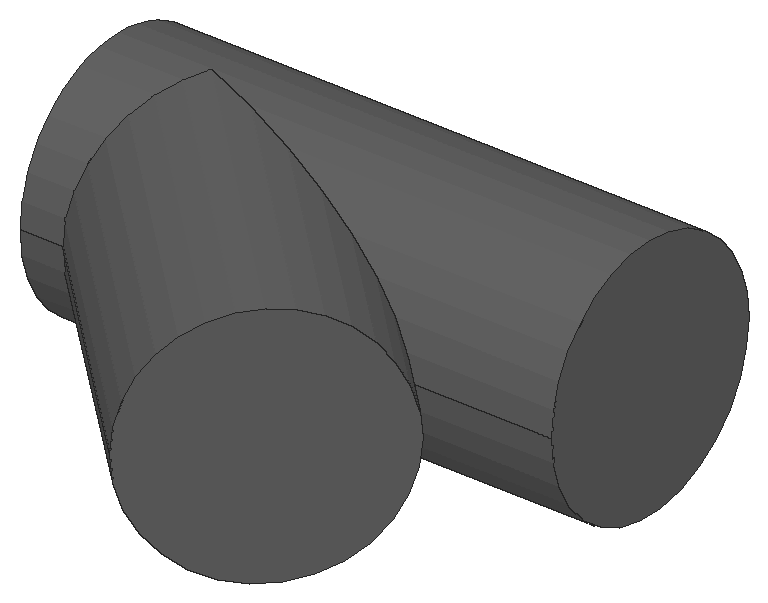
Revit family "QSS+_Тройник 45 и 87", category Соединительные детали трубопроводов, Revit 2019
Family settings
  Размер круглого соединителя = Использовать диаметр
  Тип детали = Тройник
  На основе рабочей плоскости = Нет
  Всегда вертикально = Да
  При загрузке вырезать с полостями = Нет
  Общий = Нет
Parameters (values of type "QQS+")
  Усиленный [instance] = no
  Угол [instance] = 45.00°
  Типовой = no
  Поиск в таблице имен 4 = "QSS+_Тройник 45 и 87"
  Поиск в таблице имен 3 = "QSS+_Тройник 45 и 87"
  Поиск в таблице имен 2 = "QSS+_Тройник 45 и 87"
  Поиск в таблице имен = "QSS+_Тройник 45 и 87"
  Размер засечки 2 [instance] = 50 mm  # constant formula
  Размер засечки 1 [instance] = 50 mm  # constant formula
  Description = ""
  Материал = Пластик
  Assembly Code = ""
  Manufacturer = ""
  m [instance] = if(Угол > 90.00°, K - Z1, Z1)  # 285 mm
  l [instance] = k4 + k3  # 335 mm
  K2 [instance] = size_lookup(Поиск в таблице имен, "K2", 300 mm, ADSK_Диаметр условный, Диаметр условный 1, ADSK_Угол)  # 85 mm
  k1 [instance] = size_lookup(Поиск в таблице имен, "k1", 300 mm, ADSK_Диаметр условный, Диаметр условный 1, ADSK_Угол)  # 65 mm
  Z3 [instance] = 120.064 mm
  k4 [instance] = size_lookup(Поиск в таблице имен, "k4", 300 mm, ADSK_Диаметр условный, Диаметр условный 1, ADSK_Угол)  # 250 mm
  Z1 [instance] = if(ADSK_Угол = 88.50°, Диаметр условный 1 / 2 + K2, if(Диаметр условный 1 > 110 mm, Диаметр условный 1 + 40 mm + K2, Диаметр условный 1 + 20 mm + K2))  # 285 mm
  URL = ""
  Диаметр условный 1 [instance] = 160 mm
  k3 [instance] = size_lookup(Поиск в таблице имен, "k3", 300 mm, ADSK_Диаметр условный, Диаметр условный 1, ADSK_Угол)  # 85 mm
  K [instance] = size_lookup(Поиск в таблице имен, "K", 300 mm, ADSK_Диаметр условный, Диаметр условный 1, ADSK_Угол)  # 345.5 mm
  ADSK_Угол [instance] = if(or(Угол < 57.50°, Угол > 122.50°), 45.00°, if(or(Угол < 79.00°, Угол > 101.00°), 67.30°, 88.50°))  # 45.00°
  ADSK_Наименование краткое = "Тр."
  ADSK_Наименование [instance] = size_lookup(Поиск в таблице имен, "ADSK_Наименование", "Решение не найдено", ADSK_Диаметр условный, Диаметр условный 1, ADSK_Угол)  # "Тройник 45° DN160x160x160"
  ADSK_Масса_Текст [instance] = ""
  ADSK_Масса [instance] = 0
  ADSK_Марка = ""
  ADSK_Код изделия [instance] = size_lookup(Поиск в таблице имен, "ADSK_Код изделия", "Решение не найдено", ADSK_Диаметр условный, Диаметр условный 1, ADSK_Угол)  # "QSS-Y-160160"
  ADSK_Завод-изготовитель = "Agpipe"  # constant formula
  ADSK_Единица измерения = "шт."  # constant formula
  ADSK_Диаметр условный [instance] = 160 mm
Reference planes
  plane 1 "По центру (Вперед/Назад)": y = 0
  plane 2: z = 0
  plane 3 "По центру (Влево/Вправо)": x = 0
  plane 4: x = 4.5
  plane 5: x = 200
  plane 6: x = -60.5
  plane 7: x = 285
  plane 8: z = 83
  plane 9: z = -83
Forms (mm)
  Sweep 1, solid, material "Пластик" <- "Материал", detail levels fine
    path in 3D
      loop
        line (-60.5, 0, 0) -> (285, 0, 0)
    profile origin (112.25, 0, 0) x (0, 1, 0) y (0, 0, 1)
      loop
        circle (0, 0) r 80
  Sweep 2, solid, material "Пластик" <- "Материал", detail levels fine
    path in 3D
      loop
        line (0, 0, 0) -> (176.777, -176.777, 0)
    profile origin (88.388, -88.388, 0) x (0.707107, 0.707107, 0) y (0, 0, 1)
      loop
        circle (0, 0) r 80
Cuts and joins
  joined: Sweep 1, Sweep 2
Lines and regions (mm)
  reference lines
    curve 1: line (0, 0, 0) -> (176.777, -176.777, 0)
    curve 3: line (-51.5, 0, 0) -> (-60.5, 0, 0)
    curve 4: line (-60.5, 0, 0) -> (285, 0, 0)
    curve 7: line (0, 0, 0) -> (176.777, -176.777, 0)
    curve 8: line (0, 0, 0) -> (2.777, -95.459, 0)
  sketch lines
    curve 2: line (0, 0, 0) -> (176.777, -176.777, 0)
    curve 6: line (-60.5, 0, 0) -> (285, 0, 0)
  symbolic lines, style "SketchLines"
    curve 5: line (285, 0, 0) -> (-60.5, 0, 0)
Dimensions and locks
  "k4": curve 1 to curve 1
  "k1": plane 6 to plane 4
  "K": plane 6 to plane 7
  "k4": curve 7 to curve 7
  "K2": plane 5 to plane 7
  "m": plane 3 "По центру (Влево/Вправо)" to plane 7
  equal spacing: plane 8, level, plane 9
  plane 8 to plane 9 = 166 mm
  "ADSK_Диаметр условный": diameter of Sweep 1 sketch curve
  "Диаметр условный 1": diameter of Sweep 2 sketch curve
  "Угол": angle curve 1 to plane 1 "По центру (Вперед/Назад)"
  "Угол": angle curve 7 to plane 1 "По центру (Вперед/Назад)"
  aligned and locked: level to plane 2
  aligned and locked: plane 1 "По центру (Вперед/Назад)" to curve 4
  aligned and locked: plane 6 to curve 4
  aligned and locked: plane 7 to curve 4
  aligned and locked: plane 3 "По центру (Влево/Вправо)" to curve 7
  aligned and locked: curve 5 to curve 4
  aligned and locked: plane 7 to curve 5
Automatic sketch dimensions
  curve 5 to plane 6 = 0 mm
  curve 8 to plane 3 "По центру (Влево/Вправо)" = 0 mm
  curve 3 to plane 6 = 9 mm
  curve 8 to plane 4 = 1.723 mm
  plane 1 "По центру (Вперед/Назад)" to curve 8 = 95.459 mm
  Sweep 1 sketch curve to profile plane = 0 mm  (x2)
  Sweep 2 sketch curve to profile plane = 0 mm  (x2)
Connectors
  piping at (-60.5, 0, 0), diameter 160, driven by "ADSK_Диаметр условный"
    settings: on cut or joined group of Sweep 1, Sweep 2, index 1, connector inside diameter 609.6 mm, connector length 0 mm, flow factor 0, pipe flow 0.0 L/s, pressure drop 0.0 Pa, fitting loss kfactor 0, connector angle 0.00°, fixture units 0, engagement length 0 mm, angle of deflection 0.00°, flow configuration 0, flow direction 0, fitting loss method 0, system type 28, joint type 0, gender type 0, connector reference index 2, connector utility 0, adjustable connector no, is connector primary yes, connector description ""
  piping at (285, 0, 0), diameter 160, driven by "ADSK_Диаметр условный"
    settings: on cut or joined group of Sweep 1, Sweep 2, index 2, connector inside diameter 609.6 mm, connector length 0 mm, flow factor 0, pipe flow 0.0 L/s, pressure drop 0.0 Pa, fitting loss kfactor 0, connector angle 0.00°, fixture units 0, engagement length 0 mm, angle of deflection 0.00°, flow configuration 0, flow direction 0, fitting loss method 0, system type 28, joint type 0, gender type 0, connector reference index 1, connector utility 0, adjustable connector no, is connector primary no, connector description ""
  piping at (176.777, -176.777, 0), diameter 160, driven by "Диаметр условный 1", driven by "Угол"
    settings: on cut or joined group of Sweep 1, Sweep 2, index 3, connector inside diameter 609.6 mm, connector length 0 mm, flow factor 0, pipe flow 0.0 L/s, pressure drop 0.0 Pa, fitting loss kfactor 0, connector angle 45.00°, fixture units 0, engagement length 0 mm, angle of deflection 0.00°, flow configuration 0, flow direction 0, fitting loss method 0, system type 28, joint type 0, gender type 0, connector reference index -1, connector utility 0, adjustable connector no, is connector primary no, connector description ""
